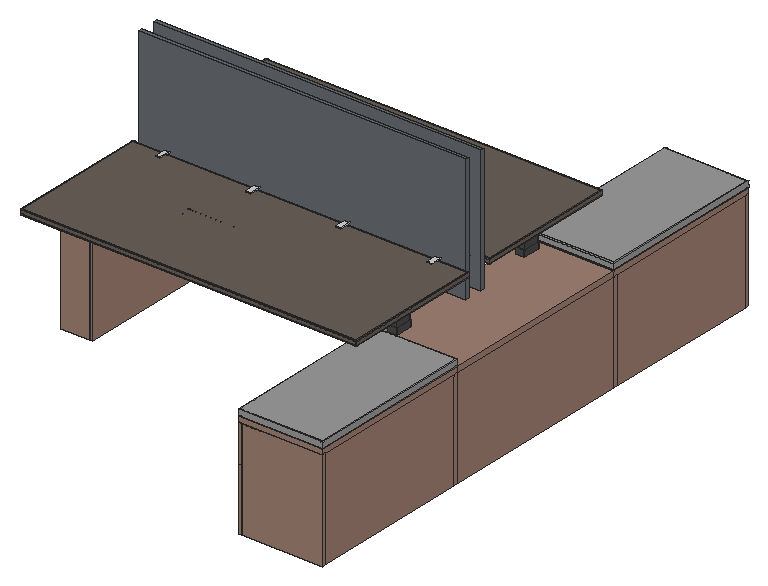
Revit family "OFS TYPICAL S200133", category Furniture, Revit 2022 (continued)
Definition of nested family "STAKS HEIGHT ADJUSTABLE WORK GROUP PANEL BASE Dual User"
  Dimensions and locks (in)
    aligned and locked: Extrusion 6 to Extrusion 9
    aligned and locked: Extrusion 9 to Extrusion 2
    aligned and locked: plane 23 to Extrusion 8
    aligned and locked: Extrusion 8 to plane 22
    aligned and locked: Extrusion 5 to plane 20
    aligned and locked: cut or joined group of Extrusion 7, Extrusion 9 to plane 12
    aligned and locked: plane 25 to Extrusion 11
    aligned and locked: plane 26 to Extrusion 10
    aligned and locked: Extrusion 11 to plane 26
    aligned and locked: plane 11 to Extrusion 1
    aligned and locked: plane 11 to Extrusion 5
    aligned and locked: Extrusion 1 to plane 5 "Front End"
    aligned and locked: Extrusion 2 to plane 5 "Front End"
    aligned and locked: cut or joined group of Extrusion 7, Extrusion 9 to plane 4 "Left End"
    aligned and locked: cut or joined group of Extrusion 7, Extrusion 9 to plane 6 "Right End"
    aligned and locked: Extrusion 1 to plane 12
    aligned and locked: plane 16 to Revolve 12
    aligned and locked: plane 15 to Revolve 13
    aligned and locked: Extrusion 2 to plane 19
    aligned and locked: Extrusion 6 to plane 10
    aligned and locked: Extrusion 6 to plane 9
    aligned and locked: Extrusion 1 to plane 19
    aligned and locked: Extrusion 5 to plane 13
    aligned and locked: Extrusion 10 to plane 8 "Height Top"
    aligned and locked: Extrusion 14 to plane 8 "Height Top"
    aligned and locked: Extrusion 15 to plane 25
    aligned and locked: Extrusion 14 to plane 26
    aligned and locked: plane 26 to Extrusion 15
    aligned and locked: plane 24 to Extrusion 16
    aligned and locked: Extrusion 16 to plane 27
    aligned and locked: Blend 17 to plane 25
    aligned and locked: plane 27 to Blend 17
    aligned and locked: Extrusion 18 to plane 24
    aligned and locked: Blend 19 to plane 27
    aligned and locked: plane 27 to Extrusion 18
    aligned and locked: plane 25 to Blend 19
  Automatic sketch dimensions
    Extrusion 1 sketch curve to plane 5 "Front End" = 0"
    plane 1 "Center Front/Back" to Extrusion 1 sketch curve = 0"
    Extrusion 2 sketch curve to plane 5 "Front End" = 0"
    Extrusion 2 sketch curve to plane 6 "Right End" = 0"
    Extrusion 2 sketch curve to plane 10 = 0"
    plane 1 "Center Front/Back" to Extrusion 2 sketch curve = 0"
    Extrusion 3 sketch curve to plane 5 "Front End" = 0"
    Extrusion 3 sketch curve to plane 18 = 0"
    Extrusion 4 sketch curve to plane 4 "Left End" = 0"
    Extrusion 4 sketch curve to plane 6 "Right End" = 0"
    Extrusion 4 sketch curve to plane 17 = 0"
    plane 1 "Center Front/Back" to Extrusion 4 sketch curve = 0"
    Extrusion 5 sketch curve to plane 5 "Front End" = 0"
    Extrusion 5 sketch curve to plane 20 = 0"
    Extrusion 5 sketch curve to plane 21 = 0"
    Extrusion 5 sketch curve to plane 18 = 0"
    Extrusion 6 sketch curve to plane 9 = 0"
    Extrusion 6 sketch curve to plane 10 = 0"
    Extrusion 6 sketch curve to plane 18 = 0"
    plane 1 "Center Front/Back" to Extrusion 6 sketch curve = 0"
    Extrusion 7 sketch curve to plane 4 "Left End" = 0"
    Extrusion 7 sketch curve to plane 6 "Right End" = 0"
    plane 17 to Extrusion 7 sketch curve = 0"
    Extrusion 7 sketch curve to plane 5 "Front End" = 0"
    Extrusion 8 sketch curve to plane 5 "Front End" = 0"
    Extrusion 8 sketch curve to plane 22 = 0"
    Extrusion 8 sketch curve to plane 23 = 0"
    Extrusion 8 sketch curve to plane 18 = 0"
    Extrusion 9 sketch curve to plane 11 = 0"
    Extrusion 9 sketch curve to plane 21 = 0"
    plane 23 to Extrusion 9 sketch curve = 0"
    plane 8 "Height Top" to Extrusion 9 sketch curve = 1 5/16"
    Extrusion 10 sketch curve to plane 14 = 0"
    Extrusion 10 sketch curve to plane 16 = 0"
    Extrusion 10 sketch curve to plane 14 = 2"
    Extrusion 10 sketch curve to plane 16 = 1/8"  (x2)
    Extrusion 10 sketch curve to Extrusion 10 sketch curve = 3 1/2"
    Extrusion 10 sketch curve to Extrusion 10 sketch curve = 0"
    Extrusion 10 sketch curve to Extrusion 10 sketch curve = 1/8"
    Extrusion 11 sketch curve to plane 14 = 3/16"
    Extrusion 11 sketch curve to plane 16 = 3 5/8"
    Extrusion 11 sketch curve to plane 16 = 3/16"  (x2)
    Extrusion 11 sketch curve to plane 14 = 1 7/8"
    Extrusion 11 sketch curve to Extrusion 11 sketch curve = 1/16"  (x3)
    Revolve 12 sketch curve to level = 0"
    plane 16 to Revolve 12 sketch curve = 0"
    Revolve 12 sketch curve to plane 12 = 0"  (x2)
    level to Revolve 12 sketch curve = 0.12502"
    Revolve 12 sketch curve to Revolve 12 sketch curve = 0.06202"
    Revolve 12 sketch curve to Revolve 12 sketch curve = 0.12498"
    Revolve 12 sketch curve to plane 16 = 0.188"  (x2)
    plane 12 to Revolve 12 sketch curve = 1/4"
    Revolve 13 sketch curve to level = 0"
    plane 15 to Revolve 13 sketch curve = 0"
    Revolve 13 sketch curve to plane 12 = 0"  (x2)
    level to Revolve 13 sketch curve = 1/4"
    Revolve 13 sketch curve to Revolve 13 sketch curve = 0.06202"
    Revolve 13 sketch curve to Revolve 13 sketch curve = 0.12498"
    plane 15 to Revolve 13 sketch curve = 0.188"  (x2)
    plane 12 to Revolve 13 sketch curve = 1/4"
    plane 14 to Extrusion 14 sketch curve = 0"
    Extrusion 14 sketch curve to plane 15 = 0"
    Extrusion 14 sketch curve to plane 14 = 1/8"  (x2)
    plane 15 to Extrusion 14 sketch curve = 1/8"
    Extrusion 14 sketch curve to Extrusion 14 sketch curve = 3 1/2"
    Extrusion 14 sketch curve to Extrusion 14 sketch curve = 0"
    Extrusion 14 sketch curve to Extrusion 14 sketch curve = 1 3/4"
    Extrusion 15 sketch curve to plane 14 = 3/16"
    plane 15 to Extrusion 15 sketch curve = 3 5/8"
    Extrusion 15 sketch curve to plane 14 = 1/8"
    Extrusion 15 sketch curve to Extrusion 15 sketch curve = 1/16"  (x2)
    plane 15 to Extrusion 15 sketch curve = 3/16"  (x2)
    Extrusion 15 sketch curve to Extrusion 15 sketch curve = 1 5/8"
    Extrusion 16 sketch curve to plane 16 = 0"  (x2)
    plane 17 to Extrusion 16 sketch curve = 3 3/8"
    Extrusion 16 sketch curve to Extrusion 16 sketch curve = 1/8"  (x2)
    Extrusion 16 sketch curve to plane 14 = 2 1/8"
    Extrusion 16 sketch curve to Extrusion 16 sketch curve = 3 3/4"
    Extrusion 16 sketch curve to plane 16 = 3 3/4"
    Blend 17 sketch curve to plane 16 = 1/8"
    plane 17 to Blend 17 sketch curve = 2 1/8"
    Blend 17 sketch curve to Blend 17 sketch curve = 1/8"  (x4)
    Blend 17 sketch curve to Blend 17 sketch curve = 3 1/4"
    Blend 17 sketch curve to Blend 17 sketch curve = 0"
    Blend 17 sketch curve to plane 14 = 1 3/4"
    Blend 17 sketch curve to plane 16 = 0"  (x2)
    plane 17 to Blend 17 sketch curve = 3 3/8"
    plane 16 to Blend 17 sketch curve = 1/8"
    Blend 17 sketch curve to Blend 17 sketch curve = 3 3/4"
    Blend 17 sketch curve to plane 16 = 3 3/4"
    Blend 17 sketch curve to plane 14 = 2"
    Extrusion 18 sketch curve to plane 15 = 0"  (x2)
    Extrusion 18 sketch curve to plane 17 = 3 3/8"
    Extrusion 18 sketch curve to Extrusion 18 sketch curve = 1/8"  (x2)
    plane 14 to Extrusion 18 sketch curve = 2 1/8"
    Extrusion 18 sketch curve to plane 15 = 3 3/4"  (x2)
    Blend 19 sketch curve to plane 15 = 1/8"
    Blend 19 sketch curve to plane 17 = 2 1/8"
    Blend 19 sketch curve to Blend 19 sketch curve = 1/8"  (x5)
    Blend 19 sketch curve to Blend 19 sketch curve = 3 1/4"
    Blend 19 sketch curve to Blend 19 sketch curve = 0"
    plane 14 to Blend 19 sketch curve = 1 3/4"
    Blend 19 sketch curve to plane 15 = 0"  (x2)
    Blend 19 sketch curve to plane 17 = 3 3/8"
    Blend 19 sketch curve to plane 15 = 3 3/4"  (x2)
    plane 14 to Blend 19 sketch curve = 2"
Definition of nested family "STAKS HEIGHT ADJUSTABLE WORK GROUP CABINET Dual User"
  Parameters (values of type "STAKS HEIGHT ADJUSTABLE WORK GROUP CABINET Dual User")
    Width = 42"
    URL = "http://ofs.com"
    Top Material = none
    Top Board Back Offset = 0"
    Table Height [instance] = 27 3/4"
    Depth = 18"
    Default Elevation = 0"
    Column Plate Thickness = 2"
    Column Material = none
    Box Width = 7"
    Board Thick Top = 1 1/8"
    Board Thick Door = 3/4"
    Board Material = none
    Model = "6-4218HAWC3"
    Manufacturer = "OFS"
    Leg Caps Material = none
    Leg Offset = 2"
    Board Thick Internal = 3/4"
    Height = 23"
    Description = "OFS STAKS HEIGHT ADJUSTABLE CABINET Dual User (Two Lifting Columns)"
    Copyright © = "© OFS 2018"
    Catalog = "https://ofs.com/products/open-plan/benching/staks"
    Bottom Board Offset = 1/2"
    Board Thick Bot = 1"
    Board Thick Sides = 3/4"
    Board Thick Front = 3/4"
    Board Thick Back = 3/4"
    Authoring Version = "Autodesk Revit Architecture 2013"
    Assembly Code = "E2020200"
  Reference planes (in)
    plane 1 "Center Front/Back": y = 0
    plane 2: z = 0
    plane 3 "Center Left/Right": x = 0
    plane 4 "Left End": x = -21
    plane 5 "Front End": y = -17.25
    plane 6 "Right End": x = 21
    plane 7 "Back End": y = 0
    plane 8 "Height Top": z = 23
    plane 9: x = -20.25
    plane 10: x = 20.25
    plane 11: z = 21.875
    plane 12: z = 0.5
    plane 13: z = 1.5
    plane 14: y = -16.5
    plane 15: x = 19
    plane 16: x = -19
    plane 17: y = -18
    plane 18: y = -0.75
    plane 19: y = 0
    plane 20: x = -4.25
    plane 21: x = -3.5
    plane 22: x = 4.25
    plane 23: x = 3.5
    plane 24: z = 27.75
    plane 25: z = 25.75
    plane 26: z = 24.375
    plane 27: z = 26.75
  Forms (in)
    Extrusion 1, solid, material <- "Board Material"
      sketch origin (0, 0, 0) x (1, 0, 0) y (0, 1, 0)
        loop
          line (-21, -0.75) -> (-21, -17.25) -> (-20.25, -17.25) -> (-20.25, -0.75) -> (-21, -0.75)
      from 0.5 to 21.875
    Extrusion 2, solid, material <- "Board Material"
      sketch origin (0, 0, 0) x (-1, 0, 0) y (0, -1, 0)
        loop
          line (-21, 0.75) -> (-20.25, 0.75) -> (-20.25, 17.25) -> (-21, 17.25) -> (-21, 0.75)
      from 0.5 to 21.875
    Extrusion 3, solid, material <- "Board Material"
      sketch origin (0, 0, 0) x (1, 0, 0) y (0, 1, 0)
        loop
          line (-20.25, -0.75) -> (-20.25, -17.25) -> (20.25, -17.25) -> (20.25, -0.75) -> (-20.25, -0.75)
      from 0.5 to 1.5
    Extrusion 4, solid, material <- "Top Material"
      sketch origin (0, 0, 0) x (1, 0, 0) y (0, 1, 0)
        loop
          line (-21, 0) -> (-21, -18) -> (21, -18) -> (21, 0) -> (-21, 0)
      from 21.875 to 23
    Extrusion 5, solid, material <- "Board Material"
      sketch origin (0, 0, 0) x (1, 0, 0) y (0, 1, 0)
        loop
          line (-4.25, -0.75) -> (-4.25, -17.25) -> (-3.5, -17.25) -> (-3.5, -0.75) -> (-4.25, -0.75)
      from 1.5 to 21.875
    Extrusion 6, solid, material <- "Board Material"
      sketch origin (0, 27.875, 0) x (1, 0, 0) y (0, 1, 0)
        loop
          line (-21, -27.875) -> (-21, -28.625) -> (21, -28.625) -> (21, -27.875) -> (-21, -27.875)
      from 0.5 to 21.875
    Extrusion 7, solid, material <- "Board Material"
      sketch origin (0, 0, 0) x (1, 0, 0) y (0, 1, 0)
        loop
          line (21, -17.25) -> (-21, -17.25) -> (-21, -18) -> (21, -18) -> (21, -17.25)
      from 0.5 to 21.875
    Extrusion 8, solid, material <- "Board Material"
      sketch origin (0, 0, 0) x (-1, 0, 0) y (0, -1, 0)
        loop
          line (-4.25, 0.75) -> (-3.5, 0.75) -> (-3.5, 17.25) -> (-4.25, 17.25) -> (-4.25, 0.75)
      from 1.5 to 21.875
    Extrusion 9, void
      sketch origin (0, 0, 0) x (1, 0, 0) y (0, 0, 1)
        loop
          line (3.5, 21.875) -> (-3.5, 21.875)
          arc (-3.5, 21.875) -> (0, 20.04736) -> (3.5, 21.875) r 4.26514
      from 0 to 18
    Extrusion 10, solid, material <- "Column Material"
      sketch origin (7.27539, 70.81173, 0) x (-1, 0, 0) y (0, -1, 0)
        loop
          arc (26.15039, 85.31173) -> (26.23878, 85.34834) -> (26.27539, 85.43673) r 0.125
          line (26.27539, 85.43673) -> (26.27539, 87.18673)
          arc (26.27539, 87.18673) -> (26.23878, 87.27512) -> (26.15039, 87.31173) r 0.125
          line (26.15039, 87.31173) -> (22.65039, 87.31173)
          arc (22.65039, 87.31173) -> (22.562, 87.27512) -> (22.52539, 87.18673) r 0.125
          line (22.52539, 87.18673) -> (22.52539, 85.43673)
          arc (22.52539, 85.43673) -> (22.562, 85.34834) -> (22.65039, 85.31173) r 0.125
          line (22.65039, 85.31173) -> (26.15039, 85.31173)
      from 23 to 24.375
    Extrusion 11, solid, material <- "Column Material"
      sketch origin (7.27539, 70.81173, 0) x (-1, 0, 0) y (0, -1, 0)
        loop
          line (22.71289, 85.43673) -> (26.08789, 85.43673)
          arc (26.08789, 85.43673) -> (26.13208, 85.45504) -> (26.15039, 85.49923) r 0.0625
          line (26.15039, 85.49923) -> (26.15039, 87.12423)
          arc (26.15039, 87.12423) -> (26.13208, 87.16843) -> (26.08789, 87.18673) r 0.0625
          line (26.08789, 87.18673) -> (22.71289, 87.18673)
          arc (22.71289, 87.18673) -> (22.66869, 87.16843) -> (22.65039, 87.12423) r 0.0625
          line (22.65039, 87.12423) -> (22.65039, 85.49923)
          arc (22.65039, 85.49923) -> (22.66869, 85.45504) -> (22.71289, 85.43673) r 0.0625
      from 24.375 to 25.75
    Revolve 12, solid, material <- "Leg Caps Material"
      sketch origin (7.02629, -3.5, 0) x (1, 0, 0) y (0, 0, 1)
        loop
          line (-26.02629, 0.5) -> (-26.02629, 0.25) -> (-26.08831, 0.25)
          arc (-26.08831, 0.25) -> (-26.17668, 0.2134) -> (-26.21329, 0.12502) r 0.12498
          line (-26.21329, 0.12502) -> (-26.21329, 0) -> (-25.83829, 0) -> (-25.83829, 0.5) -> (-26.02629, 0.5)
        axis (-25.83829, 0) -> (-25.83829, 0.5)
      angle from 0 to 360
    Revolve 13, solid, material <- "Leg Caps Material"
      sketch origin (-7.02629, -3.5, 0) x (-1, 0, 0) y (0, 0, -1)
        loop
          line (-26.02629, -0.5) -> (-25.83829, -0.5) -> (-25.83829, 0) -> (-26.21329, 0) -> (-26.21329, -0.12502)
          arc (-26.21329, -0.12502) -> (-26.17668, -0.2134) -> (-26.08831, -0.25) r 0.12498
          line (-26.08831, -0.25) -> (-26.02629, -0.25) -> (-26.02629, -0.5)
        axis (-25.83829, 0) -> (-25.83829, -0.5)
      angle from 0 to 360
    Extrusion 14, solid, material <- "Column Material"
      sketch origin (-7.27539, 70.81173, 0) x (1, 0, 0) y (0, 1, 0)
        loop
          line (26.15039, -85.31173) -> (22.65039, -85.31173)
          arc (22.65039, -85.31173) -> (22.562, -85.34834) -> (22.52539, -85.43673) r 0.125
          line (22.52539, -85.43673) -> (22.52539, -87.18673)
          arc (22.52539, -87.18673) -> (22.562, -87.27512) -> (22.65039, -87.31173) r 0.125
          line (22.65039, -87.31173) -> (26.15039, -87.31173)
          arc (26.15039, -87.31173) -> (26.23878, -87.27512) -> (26.27539, -87.18673) r 0.125
          line (26.27539, -87.18673) -> (26.27539, -85.43673)
          arc (26.27539, -85.43673) -> (26.23878, -85.34834) -> (26.15039, -85.31173) r 0.125
      from 23 to 24.375
    Extrusion 15, solid, material <- "Column Material"
      sketch origin (-7.27539, 70.81173, 0) x (1, 0, 0) y (0, 1, 0)
        loop
          arc (22.71289, -85.43673) -> (22.66869, -85.45504) -> (22.65039, -85.49923) r 0.0625
          line (22.65039, -85.49923) -> (22.65039, -87.12423)
          arc (22.65039, -87.12423) -> (22.66869, -87.16843) -> (22.71289, -87.18673) r 0.0625
          line (22.71289, -87.18673) -> (26.08789, -87.18673)
          arc (26.08789, -87.18673) -> (26.13208, -87.16843) -> (26.15039, -87.12423) r 0.0625
          line (26.15039, -87.12423) -> (26.15039, -85.49923)
          arc (26.15039, -85.49923) -> (26.13208, -85.45504) -> (26.08789, -85.43673) r 0.0625
          line (26.08789, -85.43673) -> (22.71289, -85.43673)
      from 24.375 to 25.75
    Extrusion 16, solid, material <- "Column Material"
      sketch origin (0, 0, 0) x (1, 0, 0) y (0, 1, 0)
        loop
          line (-15.25, -14.375) -> (-19, -14.375)
          arc (-19, -14.375) -> (-19.08839, -14.41161) -> (-19.125, -14.5) r 0.125
          line (-19.125, -14.5) -> (-19.125, -21.25)
          arc (-19.125, -21.25) -> (-19.08839, -21.33839) -> (-19, -21.375) r 0.125
          line (-19, -21.375) -> (-15.25, -21.375)
          arc (-15.25, -21.375) -> (-15.16161, -21.33839) -> (-15.125, -21.25) r 0.125
          line (-15.125, -21.25) -> (-15.125, -14.5)
          arc (-15.125, -14.5) -> (-15.16161, -14.41161) -> (-15.25, -14.375) r 0.125
      from 26.75 to 27.75
    Blend 17, solid, material <- "Column Material"
      base sketch origin (0, 0, 0) x (1, 0, 0) y (0, 1, 0)
        loop
          line (-15.375, -20) -> (-15.375, -14.75)
          arc (-15.375, -14.75) -> (-15.41161, -14.66161) -> (-15.5, -14.625) r 0.125
          line (-15.5, -14.625) -> (-18.75, -14.625)
          arc (-18.75, -14.625) -> (-18.83839, -14.66161) -> (-18.875, -14.75) r 0.125
          line (-18.875, -14.75) -> (-18.875, -20)
          arc (-18.875, -20) -> (-18.83839, -20.08839) -> (-18.75, -20.125) r 0.125
          line (-18.75, -20.125) -> (-15.5, -20.125)
          arc (-15.5, -20.125) -> (-15.41161, -20.08839) -> (-15.375, -20) r 0.125
      top sketch origin (0, 0, 0) x (1, 0, 0) y (0, 1, 0)
        loop
          line (-15.125, -21.25) -> (-15.125, -14.5)
          arc (-15.125, -14.5) -> (-15.16161, -14.41161) -> (-15.25, -14.375) r 0.125
          line (-15.25, -14.375) -> (-19, -14.375)
          arc (-19, -14.375) -> (-19.08839, -14.41161) -> (-19.125, -14.5) r 0.125
          line (-19.125, -14.5) -> (-19.125, -21.25)
          arc (-19.125, -21.25) -> (-19.08839, -21.33839) -> (-19, -21.375) r 0.125
          line (-19, -21.375) -> (-15.25, -21.375)
          arc (-15.25, -21.375) -> (-15.16161, -21.33839) -> (-15.125, -21.25) r 0.125
      from 25.75 to 26.75
    Extrusion 18, solid, material <- "Column Material"
      sketch origin (0, 0, 0) x (-1, 0, 0) y (0, -1, 0)
        loop
          arc (-15.25, 14.375) -> (-15.16161, 14.41161) -> (-15.125, 14.5) r 0.125
          line (-15.125, 14.5) -> (-15.125, 21.25)
          arc (-15.125, 21.25) -> (-15.16161, 21.33839) -> (-15.25, 21.375) r 0.125
          line (-15.25, 21.375) -> (-19, 21.375)
          arc (-19, 21.375) -> (-19.08839, 21.33839) -> (-19.125, 21.25) r 0.125
          line (-19.125, 21.25) -> (-19.125, 14.5)
          arc (-19.125, 14.5) -> (-19.08839, 14.41161) -> (-19, 14.375) r 0.125
          line (-19, 14.375) -> (-15.25, 14.375)
      from 26.75 to 27.75
    Blend 19, solid, material <- "Column Material"
      base sketch origin (0, 0, 0) x (-1, 0, 0) y (0, -1, 0)
        loop
          arc (-15.375, 20) -> (-15.41161, 20.08839) -> (-15.5, 20.125) r 0.125
          line (-15.5, 20.125) -> (-18.75, 20.125)
          arc (-18.75, 20.125) -> (-18.83839, 20.08839) -> (-18.875, 20) r 0.125
          line (-18.875, 20) -> (-18.875, 14.75)
          arc (-18.875, 14.75) -> (-18.83839, 14.66161) -> (-18.75, 14.625) r 0.125
          line (-18.75, 14.625) -> (-15.5, 14.625)
          arc (-15.5, 14.625) -> (-15.41161, 14.66161) -> (-15.375, 14.75) r 0.125
          line (-15.375, 14.75) -> (-15.375, 20)
      top sketch origin (0, 0, 0) x (-1, 0, 0) y (0, -1, 0)
        loop
          arc (-15.125, 21.25) -> (-15.16161, 21.33839) -> (-15.25, 21.375) r 0.125
          line (-15.25, 21.375) -> (-19, 21.375)
          arc (-19, 21.375) -> (-19.08839, 21.33839) -> (-19.125, 21.25) r 0.125
          line (-19.125, 21.25) -> (-19.125, 14.5)
          arc (-19.125, 14.5) -> (-19.08839, 14.41161) -> (-19, 14.375) r 0.125
          line (-19, 14.375) -> (-15.25, 14.375)
          arc (-15.25, 14.375) -> (-15.16161, 14.41161) -> (-15.125, 14.5) r 0.125
          line (-15.125, 14.5) -> (-15.125, 21.25)
      from 25.75 to 26.75
    Revolve 20, solid, material <- "Leg Caps Material"
      sketch origin (7.02629, -14.5, 0) x (1, 0, 0) y (0, 0, -1)
        loop
          line (-26.02629, -0.5) -> (-25.83829, -0.5) -> (-25.83829, 0) -> (-26.21329, 0) -> (-26.21329, -0.12502)
          arc (-26.21329, -0.12502) -> (-26.17668, -0.2134) -> (-26.08831, -0.25) r 0.12498
          line (-26.08831, -0.25) -> (-26.02629, -0.25) -> (-26.02629, -0.5)
        axis (-25.83829, 0) -> (-25.83829, -0.5)
      angle from 0 to 360
    Revolve 21, solid, material <- "Leg Caps Material"
      sketch origin (-7.02629, -14.5, 0) x (-1, 0, 0) y (0, 0, 1)
        loop
          line (-26.02629, 0.5) -> (-26.02629, 0.25) -> (-26.08831, 0.25)
          arc (-26.08831, 0.25) -> (-26.17668, 0.2134) -> (-26.21329, 0.12502) r 0.12498
          line (-26.21329, 0.12502) -> (-26.21329, 0) -> (-25.83829, 0) -> (-25.83829, 0.5) -> (-26.02629, 0.5)
        axis (-25.83829, 0) -> (-25.83829, 0.5)
      angle from 0 to 360
  Cuts and joins
    Extrusion 9 cuts Extrusion 7
  Dimensions and locks (in)
    equal spacing: plane 4 "Left End", plane 3 "Center Left/Right", plane 6 "Right End"
    "Width": plane 4 "Left End" to plane 6 "Right End"
    "Height": plane 8 "Height Top" to level
    "Board Thick Sides": plane 4 "Left End" to plane 9
    "Board Thick Sides": plane 10 to plane 6 "Right End"
    "Board Thick Top": plane 8 "Height Top" to plane 11
    "Board Thick Bot": plane 13 to plane 12
    "Bottom Board Offset": plane 12 to level
    "Board Thick Front": plane 14 to plane 5 "Front End"
    "Leg Offset": plane 15 to plane 6 "Right End"
    "Leg Offset": plane 4 "Left End" to plane 16
    "Board Thick Door": plane 17 to plane 5 "Front End"
    "Board Thick Back": plane 18 to plane 1 "Center Front/Back"
    "Depth": plane 17 to plane 1 "Center Front/Back"
    "Top Board Back Offset": plane 19 to plane 7 "Back End"
    equal spacing: plane 21, plane 3 "Center Left/Right", plane 23
    "Box Width": plane 21 to plane 23
    "Board Thick Internal": plane 23 to plane 22
    "Board Thick Internal": plane 20 to plane 21
    "Table Height": plane 24 to level
    "Column Plate Thickness": plane 24 to plane 25
    equal spacing: plane 25, plane 26, plane 8 "Height Top"
    equal spacing: plane 24, plane 27, plane 25
    aligned and locked: level to plane 2
    aligned and locked: plane 4 "Left End" to Extrusion 1 sketch curve
    aligned and locked: Extrusion 1 sketch curve to plane 9
    aligned and locked: plane 10 to Extrusion 2
    aligned and locked: Extrusion 2 to plane 6 "Right End"
    aligned and locked: plane 12 to Extrusion 2
    aligned and locked: plane 10 to Extrusion 3 sketch curve
    aligned and locked: Extrusion 3 sketch curve to plane 9
    aligned and locked: Extrusion 6 to plane 12
    aligned and locked: Extrusion 3 to plane 13
    aligned and locked: Extrusion 3 to plane 12
    aligned and locked: Extrusion 6 to plane 11
    aligned and locked: Extrusion 2 to plane 11
    aligned and locked: Extrusion 4 to plane 17
    aligned and locked: Extrusion 4 to plane 6 "Right End"
    aligned and locked: Extrusion 4 to plane 4 "Left End"
    aligned and locked: plane 8 "Height Top" to Extrusion 4
    aligned and locked: Extrusion 4 to plane 11
    aligned and locked: Extrusion 7 to plane 11
    aligned and locked: Extrusion 6 to plane 18
    aligned and locked: Extrusion 6 to plane 1 "Center Front/Back"
    aligned and locked: Extrusion 4 to plane 19
    aligned and locked: Extrusion 3 to plane 18
    aligned and locked: plane 11 to Extrusion 8
    aligned and locked: Extrusion 8 to plane 13
    aligned and locked: Extrusion 4 to Extrusion 9
    aligned and locked: Extrusion 6 to Extrusion 9
    aligned and locked: Extrusion 9 to Extrusion 2
    aligned and locked: plane 23 to Extrusion 8
    aligned and locked: Extrusion 8 to plane 22
    aligned and locked: Extrusion 5 to plane 20
    aligned and locked: cut or joined group of Extrusion 7, Extrusion 9 to plane 12
    aligned and locked: plane 25 to Extrusion 11
    aligned and locked: plane 26 to Extrusion 10
    aligned and locked: Extrusion 11 to plane 26
    aligned and locked: plane 11 to Extrusion 1
    aligned and locked: plane 11 to Extrusion 5
    aligned and locked: Extrusion 1 to plane 5 "Front End"
    aligned and locked: Extrusion 2 to plane 5 "Front End"
    aligned and locked: cut or joined group of Extrusion 7, Extrusion 9 to plane 4 "Left End"
    aligned and locked: cut or joined group of Extrusion 7, Extrusion 9 to plane 6 "Right End"
    aligned and locked: Extrusion 1 to plane 12
    aligned and locked: plane 16 to Revolve 12
    aligned and locked: plane 15 to Revolve 13
    aligned and locked: Extrusion 5 to plane 13
    aligned and locked: Extrusion 10 to plane 8 "Height Top"
    aligned and locked: Extrusion 14 to plane 8 "Height Top"
    aligned and locked: Extrusion 15 to plane 25
    aligned and locked: Extrusion 14 to plane 26
    aligned and locked: plane 26 to Extrusion 15
    aligned and locked: plane 24 to Extrusion 16
    aligned and locked: Extrusion 16 to plane 27
    aligned and locked: Blend 17 to plane 25
    aligned and locked: plane 27 to Blend 17
    aligned and locked: Extrusion 18 to plane 24
    aligned and locked: Blend 19 to plane 27
    aligned and locked: plane 27 to Extrusion 18
    aligned and locked: plane 25 to Blend 19
    aligned and locked: Extrusion 6 to plane 4 "Left End"
    aligned and locked: Extrusion 6 to plane 6 "Right End"
    aligned and locked: plane 18 to Extrusion 2
    aligned and locked: plane 18 to Extrusion 1
  Automatic sketch dimensions
    Extrusion 1 sketch curve to plane 5 "Front End" = 0"
    plane 1 "Center Front/Back" to Extrusion 1 sketch curve = 3/4"
    Extrusion 2 sketch curve to plane 5 "Front End" = 0"
    Extrusion 2 sketch curve to plane 6 "Right End" = 0"
    Extrusion 2 sketch curve to plane 10 = 0"
    Extrusion 2 sketch curve to plane 1 "Center Front/Back" = 3/4"
    Extrusion 3 sketch curve to plane 5 "Front End" = 0"
    Extrusion 3 sketch curve to plane 18 = 0"
    Extrusion 4 sketch curve to plane 4 "Left End" = 0"
    Extrusion 4 sketch curve to plane 6 "Right End" = 0"
    Extrusion 4 sketch curve to plane 17 = 0"
    plane 1 "Center Front/Back" to Extrusion 4 sketch curve = 0"
    Extrusion 5 sketch curve to plane 5 "Front End" = 0"
    Extrusion 5 sketch curve to plane 20 = 0"
    Extrusion 5 sketch curve to plane 21 = 0"
    Extrusion 5 sketch curve to plane 18 = 0"
    Extrusion 6 sketch curve to plane 9 = 3/4"
    Extrusion 6 sketch curve to plane 10 = 3/4"
    Extrusion 6 sketch curve to plane 18 = 0"
    plane 1 "Center Front/Back" to Extrusion 6 sketch curve = 0"
    Extrusion 7 sketch curve to plane 4 "Left End" = 0"
    Extrusion 7 sketch curve to plane 6 "Right End" = 0"
    plane 17 to Extrusion 7 sketch curve = 0"
    Extrusion 7 sketch curve to plane 5 "Front End" = 0"
    Extrusion 8 sketch curve to plane 5 "Front End" = 0"
    Extrusion 8 sketch curve to plane 22 = 0"
    Extrusion 8 sketch curve to plane 23 = 0"
    Extrusion 8 sketch curve to plane 18 = 0"
    Extrusion 9 sketch curve to plane 11 = 0"
    Extrusion 9 sketch curve to plane 21 = 0"
    plane 23 to Extrusion 9 sketch curve = 0"
    plane 8 "Height Top" to Extrusion 9 sketch curve = 1 5/16"
    Extrusion 10 sketch curve to plane 14 = 0"
    Extrusion 10 sketch curve to plane 16 = 0"
    Extrusion 10 sketch curve to plane 14 = 2"
    Extrusion 10 sketch curve to plane 16 = 1/8"  (x2)
    Extrusion 10 sketch curve to Extrusion 10 sketch curve = 3 1/2"
    Extrusion 10 sketch curve to Extrusion 10 sketch curve = 0"
    Extrusion 10 sketch curve to Extrusion 10 sketch curve = 1/8"
    Extrusion 11 sketch curve to plane 14 = 3/16"
    Extrusion 11 sketch curve to plane 16 = 3 5/8"
    Extrusion 11 sketch curve to plane 16 = 3/16"  (x2)
    Extrusion 11 sketch curve to plane 14 = 1 7/8"
    Extrusion 11 sketch curve to Extrusion 11 sketch curve = 1/16"  (x3)
    Revolve 12 sketch curve to level = 0"
    plane 16 to Revolve 12 sketch curve = 0"
    Revolve 12 sketch curve to plane 12 = 0"  (x2)
    level to Revolve 12 sketch curve = 0.12502"
    Revolve 12 sketch curve to Revolve 12 sketch curve = 0.06202"
    Revolve 12 sketch curve to Revolve 12 sketch curve = 0.12498"
    Revolve 12 sketch curve to plane 16 = 0.188"  (x2)
    plane 12 to Revolve 12 sketch curve = 1/4"
    Revolve 13 sketch curve to level = 0"
    plane 15 to Revolve 13 sketch curve = 0"
    Revolve 13 sketch curve to plane 12 = 0"  (x2)
    level to Revolve 13 sketch curve = 1/4"
    Revolve 13 sketch curve to Revolve 13 sketch curve = 0.06202"
    Revolve 13 sketch curve to Revolve 13 sketch curve = 0.12498"
    plane 15 to Revolve 13 sketch curve = 0.188"  (x2)
    plane 12 to Revolve 13 sketch curve = 1/4"
    plane 14 to Extrusion 14 sketch curve = 0"
    Extrusion 14 sketch curve to plane 15 = 0"
    Extrusion 14 sketch curve to plane 14 = 1/8"
    plane 15 to Extrusion 14 sketch curve = 1/8"
    Extrusion 14 sketch curve to Extrusion 14 sketch curve = 3 1/2"
    Extrusion 14 sketch curve to Extrusion 14 sketch curve = 0"
    Extrusion 14 sketch curve to Extrusion 14 sketch curve = 1/8"
    Extrusion 14 sketch curve to Extrusion 14 sketch curve = 1 3/4"
    Extrusion 15 sketch curve to plane 14 = 3/16"
    plane 15 to Extrusion 15 sketch curve = 3 5/8"
    Extrusion 15 sketch curve to plane 14 = 1/8"
    Extrusion 15 sketch curve to Extrusion 15 sketch curve = 1/16"  (x2)
    plane 15 to Extrusion 15 sketch curve = 3/16"  (x2)
    Extrusion 15 sketch curve to Extrusion 15 sketch curve = 1 5/8"
    Extrusion 16 sketch curve to plane 16 = 0"  (x2)
    plane 17 to Extrusion 16 sketch curve = 3 3/8"
    plane 16 to Extrusion 16 sketch curve = 1/8"
    Extrusion 16 sketch curve to plane 14 = 2 1/8"
    Extrusion 16 sketch curve to Extrusion 16 sketch curve = 3 3/4"  (x2)
    Extrusion 16 sketch curve to Extrusion 16 sketch curve = 1/8"
    Blend 17 sketch curve to plane 16 = 1/8"
    plane 17 to Blend 17 sketch curve = 2 1/8"
    Blend 17 sketch curve to Blend 17 sketch curve = 1/8"  (x4)
    Blend 17 sketch curve to Blend 17 sketch curve = 3 1/4"
    Blend 17 sketch curve to Blend 17 sketch curve = 0"
    Blend 17 sketch curve to plane 14 = 1 3/4"
    Blend 17 sketch curve to plane 16 = 0"  (x2)
    plane 17 to Blend 17 sketch curve = 3 3/8"
    plane 16 to Blend 17 sketch curve = 1/8"
    Blend 17 sketch curve to Blend 17 sketch curve = 3 3/4"  (x2)
    Blend 17 sketch curve to plane 14 = 2"
    Extrusion 18 sketch curve to plane 15 = 0"  (x2)
    Extrusion 18 sketch curve to plane 17 = 3 3/8"
    plane 15 to Extrusion 18 sketch curve = 1/8"
    plane 14 to Extrusion 18 sketch curve = 2 1/8"
    Extrusion 18 sketch curve to Extrusion 18 sketch curve = 3 3/4"  (x2)
    Extrusion 18 sketch curve to Extrusion 18 sketch curve = 1/8"
    Blend 19 sketch curve to plane 15 = 1/8"
    Blend 19 sketch curve to plane 17 = 2 1/8"
    Blend 19 sketch curve to Blend 19 sketch curve = 1/8"  (x4)
    Blend 19 sketch curve to Blend 19 sketch curve = 3 1/4"
    Blend 19 sketch curve to Blend 19 sketch curve = 0"
    plane 14 to Blend 19 sketch curve = 1 3/4"
    Blend 19 sketch curve to plane 15 = 0"  (x2)
    Blend 19 sketch curve to plane 17 = 3 3/8"
    plane 15 to Blend 19 sketch curve = 1/8"
    Blend 19 sketch curve to Blend 19 sketch curve = 3 3/4"  (x2)
    plane 14 to Blend 19 sketch curve = 2"
    Revolve 20 sketch curve to level = 0"
    plane 16 to Revolve 20 sketch curve = 0"
    Revolve 20 sketch curve to plane 12 = 0"  (x2)
    level to Revolve 20 sketch curve = 1/4"
    Revolve 20 sketch curve to Revolve 20 sketch curve = 0.06202"
    Revolve 20 sketch curve to Revolve 20 sketch curve = 0.12498"
    Revolve 20 sketch curve to plane 16 = 0.188"  (x2)
    plane 12 to Revolve 20 sketch curve = 1/4"
    Revolve 21 sketch curve to level = 0"
    plane 15 to Revolve 21 sketch curve = 0"
    Revolve 21 sketch curve to plane 12 = 0"  (x2)
    level to Revolve 21 sketch curve = 0.12502"
    Revolve 21 sketch curve to plane 15 = 0.06202"
    Revolve 21 sketch curve to Revolve 21 sketch curve = 0.12498"
    plane 15 to Revolve 21 sketch curve = 0.188"  (x2)
    plane 12 to Revolve 21 sketch curve = 1/4"
Definition of nested family "STAKS HEIGHT ADJUSTABLE WORKSURFACE"
  Parameters (values of type "STAKS HEIGHT ADJUSTABLE WORKSURFACE 54x30")
    Width = 54"
    Veneer Material = none
    URL = "http://www.ofs.com/"
    PVC Edge [instance] = not([3D Laminate])  # yes
    Height [instance] = 21"
    Edge Material = none
    Model = "6-5430HAWS"
    Manufacturer = "OFS"
    Description = "OFS STAKS HEIGHT ADJUSTABLE WORKSURFACE, 54\" Width x 30\" Depth Long Grain, Includes Height Adjustable Control, Switch and Cables"
    Depth = 30"
    Default Elevation = 0"
    Copyright © = "© 2018 OFS"
    Catalog = "https://ofs.com/products/open-plan/benching/staks"
    Authoring Version = "Autodesk Revit Architecture 2013"
    Assembly Code = "E2020200"
    3D Laminate Material = none
    3D Laminate [instance] = no
  Types (5): name | Width | Model | Description
    (no name) | 54" | "6-5430HAWS" | "OFS STAKS HEIGHT ADJUSTABLE WORKSURFACE, 54\" Width x 30\" Depth Long Grain, Includes Height Adjustable Control, Switch and Cables"
    STAKS HEIGHT ADJUSTABLE WORKSURFACE 54x30 | 54" | "6-5430HAWS" | "OFS STAKS HEIGHT ADJUSTABLE WORKSURFACE, 54\" Width x 30\" Depth Long Grain, Includes Height Adjustable Control, Switch and Cables"
    STAKS HEIGHT ADJUSTABLE WORKSURFACE 60x30 | 60" | "6-6030HAWS" | "OFS STAKS HEIGHT ADJUSTABLE WORKSURFACE, 60\" Width x 30\" Depth Long Grain, Includes Height Adjustable Control, Switch and Cables"
    STAKS HEIGHT ADJUSTABLE WORKSURFACE 66x30 | 66" | "6-6630HAWS" | "OFS STAKS HEIGHT ADJUSTABLE WORKSURFACE, 66\" Width x 30\" Depth Long Grain, Includes Height Adjustable Control, Switch and Cables"
    STAKS HEIGHT ADJUSTABLE WORKSURFACE 72x30 | 72" | "6-7230HAWS" | "OFS STAKS HEIGHT ADJUSTABLE WORKSURFACE, 72\" Width x 30\" Depth Long Grain, Includes Height Adjustable Control, Switch and Cables"
  Reference planes (in)
    plane 1 "Center (Front/Back)": y = 0
    plane 2: z = 0
    plane 3 "Center (Left/Right)": x = 0
    plane 4: x = 27
    plane 5: x = -27
    plane 6: y = 15
    plane 7: y = -15
    plane 8: z = 19.875
    plane 9: z = 21
  Forms (in)
    Extrusion 1, solid, material <- "3D Laminate Material", visible <- "3D Laminate"
      sketch origin (3.56329, 81.33771, 7) x (-1, 0, 0) y (0, -1, 0)
        loop
          line (30.56329, 66.33771) -> (30.56329, 96.33771) -> (-23.43671, 96.33771) -> (-23.43671, 66.33771) -> (30.56329, 66.33771)
      from 14 to 12.875
    Extrusion 2, solid, material <- "Veneer Material", visible <- "PVC Edge"
      sketch origin (3.56329, 81.33771, 3.5) x (-1, 0, 0) y (0, -1, 0)
        loop
          line (30.43829, 66.46271) -> (30.43829, 96.21271) -> (-23.31171, 96.21271) -> (-23.31171, 66.46271) -> (30.43829, 66.46271)
      from 17.5 to 16.375
    Sweep 3, solid, material <- "Edge Material", visible <- "PVC Edge"
      path origin (31.86692, 60.25439, 21) x (0, 1, 0) y (-1, 0, 0)
        loop
          line (-45.25439, 58.86692) -> (-75.25439, 58.86692) -> (-75.25439, 4.86692) -> (-45.25439, 4.86692) -> (-45.25439, 58.86692)
      profile origin (-27, 0, 21) x (1, 0, 0) y (0, 0, 1)
        loop
          arc (0, -1) -> (0.03661, -1.08839) -> (0.125, -1.125) r 0.125
          line (0.125, -1.125) -> (0.125, 0)
          arc (0.125, 0) -> (0.03661, -0.03661) -> (0, -0.125) r 0.125
          line (0, -0.125) -> (0, -1)
  Dimensions and locks (in)
    equal spacing: plane 5, plane 3 "Center (Left/Right)", plane 4
    "Width": plane 5 to plane 4
    "Depth": plane 6 to plane 7
    equal spacing: plane 7, plane 1 "Center (Front/Back)", plane 6
    locked: plane 9 to plane 8 at 1.125
    "Height": plane 9 to level
    aligned and locked: level to plane 2
    aligned and locked: Sweep 3 sketch curve to plane 5
    aligned and locked: Sweep 3 sketch curve to plane 6
    aligned and locked: Sweep 3 sketch curve to plane 7
    aligned and locked: Sweep 3 sketch curve to plane 4
    aligned and locked: Extrusion 2 sketch curve to Sweep 3  (x4)
    aligned and locked: Extrusion 1 sketch curve to plane 5
    aligned and locked: Extrusion 1 sketch curve to plane 7
    aligned and locked: Extrusion 1 sketch curve to plane 6
    aligned and locked: Extrusion 1 sketch curve to plane 4
    aligned and locked: plane 9 to Extrusion 1
    aligned and locked: plane 9 to Extrusion 2
    aligned and locked: plane 9 to Sweep 3
    aligned and locked: Extrusion 1 to plane 8
    aligned and locked: Extrusion 2 to plane 8
  Automatic sketch dimensions
    profile plane to Sweep 3 sketch curve = 0"
    Sweep 3 sketch curve to profile plane = 0"
    Sweep 3 sketch curve to profile plane = 1/8"
    Sweep 3 sketch curve to profile plane = 1 1/8"
Definition of nested family "STAKS CROSS RAIL PREMIUM POWER Double Sided Three Circuit"
  Parameters (values of type "STAKS CROSS RAIL PREMIUM POWER Double Sided Three Circuit 54in")
    Width = 48"
    URL = "http://www.ofs.com/"
    Surface Material = none
    Power Block Material = none
    Power Block Casing Material = none
    Model = "6-54PRA-4"
    Metal Conduit Material = none
    Manufacturer = "OFS"
    Height = 5 1/4"
    Duplex Receptacle Material = none
    Description = "OFS STAKS CROSS RAIL PREMIUM POWER for Use with 54\" Double Sided Height Adjustable Cabinets & Panel Bases, Three Circuit"
    Depth = 6"
    Default Elevation = 0"
    Copyright © = "© 2018 OFS"
    Catalog = "https://ofs.com/products/open-plan/benching/staks"
    Bracket Material = none
    Authoring Version = "Autodesk Revit Architecture 2013"
    Assembly Code = "E2020200"
  Types (5): name | Width | Model | Description
    (no name) | 48" | "6-54PRA-4" | "OFS STAKS CROSS RAIL PREMIUM POWER for Use with 54\" Double Sided Height Adjustable Cabinets & Panel Bases, Three Circuit"
    STAKS CROSS RAIL PREMIUM POWER Double Sided Three Circuit 54in | 48" | "6-54PRA-4" | "OFS STAKS CROSS RAIL PREMIUM POWER for Use with 54\" Double Sided Height Adjustable Cabinets & Panel Bases, Three Circuit"
    STAKS CROSS RAIL PREMIUM POWER Double Sided Three Circuit 60in | 54" | "6-60PRA-4" | "OFS STAKS CROSS RAIL PREMIUM POWER for Use with 60\" Double Sided Height Adjustable Cabinets & Panel Bases, Three Circuit"
    STAKS CROSS RAIL PREMIUM POWER Double Sided Three Circuit 66in | 60" | "6-66PRA-4" | "OFS STAKS CROSS RAIL PREMIUM POWER for Use with 66\" Double Sided Height Adjustable Cabinets & Panel Bases, Three Circuit"
    STAKS CROSS RAIL PREMIUM POWER Double Sided Three Circuit 72in | 66" | "6-72PRA-4" | "OFS STAKS CROSS RAIL PREMIUM POWER for Use with 72\" Double Sided Height Adjustable Cabinets & Panel Bases, Three Circuit"
  Reference planes (in)
    plane 1 "Center (Front/Back)": y = 0
    plane 2: z = 0
    plane 3 "Center (Left/Right)": x = 0
    plane 4: z = 21.67035
    plane 5: z = 27.87507
    plane 6: x = -19.50147
    plane 7: x = -17.03389
    plane 8: x = -15.9687
    plane 9: x = -14.91102
    plane 10: x = -18.08898
    plane 11: x = -7.4956
    plane 12: x = -9.96318
    plane 13: x = -11.02837
    plane 14: x = -12.08605
    plane 15: x = -8.90809
    plane 16: x = -24
    plane 17: x = -3
    plane 18: x = -20.08661
    plane 19: z = 17.34957
    plane 20: x = -21.08661
    plane 21: x = -13.49853
    plane 22: x = -6.91045
    plane 23: x = -5.91045
    plane 24: x = 19.50147
    plane 25: x = 17.03389
    plane 26: x = 15.9687
    plane 27: x = 14.91102
    plane 28: x = 18.08898
    plane 29: x = 7.4956
    plane 30: x = 9.96318
    plane 31: x = 11.02837
    plane 32: x = 12.08605
    plane 33: x = 8.90809
    plane 34: x = 24
    plane 35: x = 3
    plane 36: x = 20.08661
    plane 37: x = 21.08661
    plane 38: x = 13.49853
    plane 39: x = 6.91045
    plane 40: x = 5.91045
    plane 41: x = 8.2456
    plane 42: x = -8.2456
    plane 43: x = 7.4956
    plane 44: x = -7.4956
    plane 45: x = -6.95298
    plane 46: x = -5.82454
    plane 47: x = -4.74522
    plane 48: x = 6.95298
    plane 49: x = 5.82454
    plane 50: x = 4.74522
    plane 51: y = 3
    plane 52: y = -3
    plane 53: y = 2
    plane 54: y = -2
    plane 55: z = 22.5
    plane 56: z = 21.75
    plane 57: z = 20.75
    plane 58: x = 0.5
    plane 59: x = -0.5
  Forms (in)
    Extrusion 1, solid, material <- "Power Block Material"
      sketch origin (-38.7456, 0, -7.21714) x (-1, 0, 0) y (0, 0, -1)
        loop
          line (-29.43829, -26.82737) -> (-27.05878, -26.82737)
          arc (-27.05878, -26.82737) -> (-26.91515, -26.76787) -> (-26.85565, -26.62424) r 0.20313
          line (-26.85565, -26.62424) -> (-26.85565, -26.53164)
          arc (-26.85565, -26.53164) -> (-26.71755, -26.47993) -> (-26.65956, -26.34434) r 0.1875
          line (-26.65956, -26.34434) -> (-26.65956, -25.86145)
          arc (-26.65956, -25.86145) -> (-26.71755, -25.72587) -> (-26.85565, -25.67415) r 0.1875
          line (-26.85565, -25.67415) -> (-26.85565, -25.58155)
          arc (-26.85565, -25.58155) -> (-26.91515, -25.43792) -> (-27.05878, -25.37842) r 0.20313
          line (-27.05878, -25.37842) -> (-29.43829, -25.37842)
          arc (-29.43829, -25.37842) -> (-29.58192, -25.43792) -> (-29.64141, -25.58155) r 0.20313
          line (-29.64141, -25.58155) -> (-29.64141, -25.67415)
          arc (-29.64141, -25.67415) -> (-29.77952, -25.72587) -> (-29.83751, -25.86145) r 0.1875
          line (-29.83751, -25.86145) -> (-29.83751, -26.34434)
          arc (-29.83751, -26.34434) -> (-29.77952, -26.47993) -> (-29.64141, -26.53164) r 0.1875
          line (-29.64141, -26.53164) -> (-29.64141, -26.62424)
          arc (-29.64141, -26.62424) -> (-29.58192, -26.76787) -> (-29.43829, -26.82737) r 0.20313
        loop
          arc (-29.43829, -25.44092) -> (-29.53773, -25.48211) -> (-29.57891, -25.58155) r 0.14063
          line (-29.57891, -25.58155) -> (-29.57891, -25.68958)
          arc (-29.57891, -25.68958) -> (-29.59504, -25.72496) -> (-29.63257, -25.73768) r 0.04688
          arc (-29.63257, -25.73768) -> (-29.732, -25.7671) -> (-29.77501, -25.86145) r 0.125
          line (-29.77501, -25.86145) -> (-29.77501, -26.34434)
          arc (-29.77501, -26.34434) -> (-29.732, -26.43869) -> (-29.63233, -26.4698) r 0.125
          arc (-29.63233, -26.4698) -> (-29.59504, -26.48083) -> (-29.57891, -26.51622) r 0.04688
          line (-29.57891, -26.51622) -> (-29.57891, -26.62424)
          arc (-29.57891, -26.62424) -> (-29.53773, -26.72368) -> (-29.43829, -26.76487) r 0.14063
          line (-29.43829, -26.76487) -> (-27.05878, -26.76487)
          arc (-27.05878, -26.76487) -> (-26.95934, -26.72368) -> (-26.91815, -26.62424) r 0.14063
          line (-26.91815, -26.62424) -> (-26.91815, -26.51622)
          arc (-26.91815, -26.51622) -> (-26.90202, -26.48083) -> (-26.8645, -26.46812) r 0.04688
          arc (-26.8645, -26.46812) -> (-26.76507, -26.43869) -> (-26.72206, -26.34434) r 0.125
          line (-26.72206, -26.34434) -> (-26.72206, -25.86145)
          arc (-26.72206, -25.86145) -> (-26.76507, -25.7671) -> (-26.86474, -25.73599) r 0.125
          arc (-26.86474, -25.73599) -> (-26.90202, -25.72496) -> (-26.91815, -25.68958) r 0.04688
          line (-26.91815, -25.68958) -> (-26.91815, -25.58155)
          arc (-26.91815, -25.58155) -> (-26.95934, -25.48211) -> (-27.05878, -25.44092) r 0.14063
          line (-27.05878, -25.44092) -> (-29.43829, -25.44092)
      from -0.39166 to 0.39063
    Extrusion 2, solid, material <- "Power Block Material"
      sketch origin (-38.7456, 0, -7.21714) x (-1, 0, 0) y (0, 0, -1)
        loop
          circle (-28.24853, -26.1029) r 0.0625
      from -0.74219 to 0.74219
    Extrusion 3, solid, material <- "Power Block Material"
      sketch origin (-38.7456, 0, -7.21714) x (0, 1, 0) y (0, 0, -1)
        loop
          line (0.1644, -27.50689) -> (0.6465, -27.24063)
          arc (0.6465, -27.24063) -> (0.73054, -27.04793) -> (0.56603, -26.91703) r 0.17257
          line (0.56603, -26.91703) -> (0, -26.90734) -> (-0.56603, -26.91703)
          arc (-0.56603, -26.91703) -> (-0.73054, -27.04793) -> (-0.6465, -27.24063) r 0.17257
          line (-0.6465, -27.24063) -> (-0.1644, -27.50689) -> (-0.10561, -27.41333) -> (-0.61836, -27.21311)
          arc (-0.61836, -27.21311) -> (-0.67504, -27.11429) -> (-0.59061, -27.03781) r 0.09084
          line (-0.59061, -27.03781) -> (0, -27.00335) -> (0.59061, -27.03781)
          arc (0.59061, -27.03781) -> (0.67504, -27.11429) -> (0.61836, -27.21311) r 0.09084
          line (0.61836, -27.21311) -> (0.10561, -27.41333) -> (0.1644, -27.50689)
      from -28.78242 to -27.71724
    Extrusion 4, solid, material <- "Power Block Material"
      sketch origin (-38.7456, 0, -7.21714) x (-1, 0, 0) y (0, 0, -1)
        loop
          arc (-29.72129, -27.26478) -> (-29.65664, -27.20013) -> (-29.72129, -27.13548) r 0.06465
          line (-29.72129, -27.13548) -> (-30.0026, -27.13548) -> (-30.0026, -26.98885) -> (-29.57923, -26.98885)
          arc (-29.57923, -26.98885) -> (-29.52695, -26.93658) -> (-29.57923, -26.8843) r 0.05228
          line (-29.57923, -26.8843) -> (-30.17424, -26.8843)
          arc (-30.17424, -26.8843) -> (-30.20204, -26.89741) -> (-30.20961, -26.92721) r 0.03604
          line (-30.20961, -26.92721) -> (-30.1526, -27.22052)
          arc (-30.1526, -27.22052) -> (-30.1337, -27.25229) -> (-30.0989, -27.26478) r 0.05471
          line (-30.0989, -27.26478) -> (-29.72129, -27.26478)
      from -0.64167 to 0.64063
    Extrusion 5, solid, material <- "Power Block Material"
      sketch origin (-26.74594, 0, -7.21714) x (1, 0, 0) y (0, 0, 1)
        loop
          line (14.77871, 27.26478) -> (14.4011, 27.26478)
          arc (14.4011, 27.26478) -> (14.3663, 27.25229) -> (14.3474, 27.22052) r 0.05471
          line (14.3474, 27.22052) -> (14.29039, 26.92721)
          arc (14.29039, 26.92721) -> (14.29796, 26.89741) -> (14.32576, 26.8843) r 0.03604
          line (14.32576, 26.8843) -> (14.92077, 26.8843)
          arc (14.92077, 26.8843) -> (14.97305, 26.93658) -> (14.92077, 26.98885) r 0.05228
          line (14.92077, 26.98885) -> (14.4974, 26.98885) -> (14.4974, 27.13548) -> (14.77871, 27.13548)
          arc (14.77871, 27.13548) -> (14.84336, 27.20013) -> (14.77871, 27.26478) r 0.06465
      from -0.64167 to 0.64063
    Extrusion 6, solid, material <- "Power Block Material"
      sketch origin (-44.74552, 0, -7.21714) x (-1, 0, 0) y (0, 0, -1)
        loop
          line (-36.878, -27.11384) -> (-36.70792, -26.1029) -> (-36.878, -25.09195) -> (-37.24991, -25.09195) -> (-37.24991, -27.11384) -> (-36.878, -27.11384)
      from -0.31166 to 0.3125
    Extrusion 7, solid, material <- "Power Block Material"
      sketch origin (-8.74862, 0, -7.21714) x (1, 0, 0) y (0, 0, 1)
        loop
          line (-4.378, 27.11384) -> (-4.74991, 27.11384) -> (-4.74991, 25.09195) -> (-4.378, 25.09195) -> (-4.20792, 26.1029) -> (-4.378, 27.11384)
      from -0.31166 to 0.3125
    Extrusion 8, solid, material <- "Power Block Material"
      sketch origin (-26.74707, 0, -7.21714) x (-1, 0, 0) y (0, 0, -1)
        loop
          line (-18.19584, -25.14782) -> (-18.28839, -25.56074) -> (-19.25147, -25.56074) -> (-19.25147, -26.64509) -> (-18.30793, -26.64509) -> (-18.19637, -27.0029) -> (-14.30363, -27.0029) -> (-14.19207, -26.64509) -> (-13.24853, -26.64509) -> (-13.24853, -25.56074) -> (-14.21161, -25.56074) -> (-14.30416, -25.14782) -> (-18.19584, -25.14782)
      from -0.22266 to 0.22334
    Extrusion 9, solid, material <- "Bracket Material"
      sketch origin (-29.75, 0, -4) x (1, 0, 0) y (0, 0, 1)
        loop
          arc (20.5925, 24.54741) -> (20.55649, 24.63434) -> (20.46956, 24.67035) r 0.12294
          line (20.46956, 24.67035) -> (18.03044, 24.67035)
          arc (18.03044, 24.67035) -> (17.94351, 24.63434) -> (17.9075, 24.54741) r 0.12294
          line (17.9075, 24.54741) -> (17.9075, 23.89535) -> (17.51946, 23.89535) -> (17.51946, 23.79535) -> (17.88796, 23.79535)
          arc (17.88796, 23.79535) -> (17.97259, 23.8304) -> (18.00764, 23.91503) r 0.11968
          line (18.00764, 23.91503) -> (18.00764, 24.57035) -> (20.49236, 24.57035) -> (20.49236, 23.91503)
          arc (20.49236, 23.91503) -> (20.52741, 23.8304) -> (20.61204, 23.79535) r 0.11968
          line (20.61204, 23.79535) -> (20.98054, 23.79535) -> (20.98054, 23.89535) -> (20.5925, 23.89535) -> (20.5925, 24.54741)
      from -0.5 to 0.5
    Extrusion 10, solid, material <- "Power Block Material"
      sketch origin (38.7456, 0, -7.21714) x (1, 0, 0) y (0, 0, 1)
        loop
          arc (-29.43829, 26.82737) -> (-29.58192, 26.76787) -> (-29.64141, 26.62424) r 0.20313
          line (-29.64141, 26.62424) -> (-29.64141, 26.53164)
          arc (-29.64141, 26.53164) -> (-29.77952, 26.47993) -> (-29.83751, 26.34434) r 0.1875
          line (-29.83751, 26.34434) -> (-29.83751, 25.86145)
          arc (-29.83751, 25.86145) -> (-29.77952, 25.72587) -> (-29.64141, 25.67415) r 0.1875
          line (-29.64141, 25.67415) -> (-29.64141, 25.58155)
          arc (-29.64141, 25.58155) -> (-29.58192, 25.43792) -> (-29.43829, 25.37842) r 0.20313
          line (-29.43829, 25.37842) -> (-27.05878, 25.37842)
          arc (-27.05878, 25.37842) -> (-26.91515, 25.43792) -> (-26.85565, 25.58155) r 0.20313
          line (-26.85565, 25.58155) -> (-26.85565, 25.67415)
          arc (-26.85565, 25.67415) -> (-26.71755, 25.72587) -> (-26.65956, 25.86145) r 0.1875
          line (-26.65956, 25.86145) -> (-26.65956, 26.34434)
          arc (-26.65956, 26.34434) -> (-26.71755, 26.47993) -> (-26.85565, 26.53164) r 0.1875
          line (-26.85565, 26.53164) -> (-26.85565, 26.62424)
          arc (-26.85565, 26.62424) -> (-26.91515, 26.76787) -> (-27.05878, 26.82737) r 0.20313
          line (-27.05878, 26.82737) -> (-29.43829, 26.82737)
        loop
          line (-29.43829, 25.44092) -> (-27.05878, 25.44092)
          arc (-27.05878, 25.44092) -> (-26.95934, 25.48211) -> (-26.91815, 25.58155) r 0.14063
          line (-26.91815, 25.58155) -> (-26.91815, 25.68958)
          arc (-26.91815, 25.68958) -> (-26.90202, 25.72496) -> (-26.86474, 25.73599) r 0.04688
          arc (-26.86474, 25.73599) -> (-26.76507, 25.7671) -> (-26.72206, 25.86145) r 0.125
          line (-26.72206, 25.86145) -> (-26.72206, 26.34434)
          arc (-26.72206, 26.34434) -> (-26.76507, 26.43869) -> (-26.8645, 26.46812) r 0.125
          arc (-26.8645, 26.46812) -> (-26.90202, 26.48083) -> (-26.91815, 26.51622) r 0.04688
          line (-26.91815, 26.51622) -> (-26.91815, 26.62424)
          arc (-26.91815, 26.62424) -> (-26.95934, 26.72368) -> (-27.05878, 26.76487) r 0.14063
          line (-27.05878, 26.76487) -> (-29.43829, 26.76487)
          arc (-29.43829, 26.76487) -> (-29.53773, 26.72368) -> (-29.57891, 26.62424) r 0.14063
          line (-29.57891, 26.62424) -> (-29.57891, 26.51622)
          arc (-29.57891, 26.51622) -> (-29.59504, 26.48083) -> (-29.63233, 26.4698) r 0.04688
          arc (-29.63233, 26.4698) -> (-29.732, 26.43869) -> (-29.77501, 26.34434) r 0.125
          line (-29.77501, 26.34434) -> (-29.77501, 25.86145)
          arc (-29.77501, 25.86145) -> (-29.732, 25.7671) -> (-29.63257, 25.73768) r 0.125
          arc (-29.63257, 25.73768) -> (-29.59504, 25.72496) -> (-29.57891, 25.68958) r 0.04688
          line (-29.57891, 25.68958) -> (-29.57891, 25.58155)
          arc (-29.57891, 25.58155) -> (-29.53773, 25.48211) -> (-29.43829, 25.44092) r 0.14063
      from -0.39166 to 0.39063
    Extrusion 11, solid, material <- "Power Block Material"
      sketch origin (38.7456, 0, -7.21714) x (1, 0, 0) y (0, 0, 1)
        loop
          circle (-28.24853, 26.1029) r 0.0625
      from -0.74219 to 0.74219
    Extrusion 12, solid, material <- "Power Block Material"
      sketch origin (38.7456, 0, -7.21714) x (0, 1, 0) y (0, 0, 1)
        loop
          line (0.1644, 27.50689) -> (0.10561, 27.41333) -> (0.61836, 27.21311)
          arc (0.61836, 27.21311) -> (0.67504, 27.11429) -> (0.59061, 27.03781) r 0.09084
          line (0.59061, 27.03781) -> (0, 27.00335) -> (-0.59061, 27.03781)
          arc (-0.59061, 27.03781) -> (-0.67504, 27.11429) -> (-0.61836, 27.21311) r 0.09084
          line (-0.61836, 27.21311) -> (-0.10561, 27.41333) -> (-0.1644, 27.50689) -> (-0.6465, 27.24063)
          arc (-0.6465, 27.24063) -> (-0.73054, 27.04793) -> (-0.56603, 26.91703) r 0.17257
          line (-0.56603, 26.91703) -> (0, 26.90734) -> (0.56603, 26.91703)
          arc (0.56603, 26.91703) -> (0.73054, 27.04793) -> (0.6465, 27.24063) r 0.17257
          line (0.6465, 27.24063) -> (0.1644, 27.50689)
      from -28.78242 to -27.71724
    Extrusion 13, solid, material <- "Power Block Material"
      sketch origin (38.7456, 0, -7.21714) x (1, 0, 0) y (0, 0, 1)
        loop
          line (-29.72129, 27.26478) -> (-30.0989, 27.26478)
          arc (-30.0989, 27.26478) -> (-30.1337, 27.25229) -> (-30.1526, 27.22052) r 0.05471
          line (-30.1526, 27.22052) -> (-30.20961, 26.92721)
          arc (-30.20961, 26.92721) -> (-30.20204, 26.89741) -> (-30.17424, 26.8843) r 0.03604
          line (-30.17424, 26.8843) -> (-29.57923, 26.8843)
          arc (-29.57923, 26.8843) -> (-29.52695, 26.93658) -> (-29.57923, 26.98885) r 0.05228
          line (-29.57923, 26.98885) -> (-30.0026, 26.98885) -> (-30.0026, 27.13548) -> (-29.72129, 27.13548)
          arc (-29.72129, 27.13548) -> (-29.65664, 27.20013) -> (-29.72129, 27.26478) r 0.06465
      from -0.64167 to 0.64063
    Extrusion 14, solid, material <- "Power Block Material"
      sketch origin (26.74594, 0, -7.21714) x (-1, 0, 0) y (0, 0, -1)
        loop
          arc (14.77871, -27.26478) -> (14.84336, -27.20013) -> (14.77871, -27.13548) r 0.06465
          line (14.77871, -27.13548) -> (14.4974, -27.13548) -> (14.4974, -26.98885) -> (14.92077, -26.98885)
          arc (14.92077, -26.98885) -> (14.97305, -26.93658) -> (14.92077, -26.8843) r 0.05228
          line (14.92077, -26.8843) -> (14.32576, -26.8843)
          arc (14.32576, -26.8843) -> (14.29796, -26.89741) -> (14.29039, -26.92721) r 0.03604
          line (14.29039, -26.92721) -> (14.3474, -27.22052)
          arc (14.3474, -27.22052) -> (14.3663, -27.25229) -> (14.4011, -27.26478) r 0.05471
          line (14.4011, -27.26478) -> (14.77871, -27.26478)
      from -0.64167 to 0.64063
    Extrusion 15, solid, material <- "Power Block Material"
      sketch origin (44.74552, 0, -7.21714) x (1, 0, 0) y (0, 0, 1)
        loop
          line (-36.878, 27.11384) -> (-37.24991, 27.11384) -> (-37.24991, 25.09195) -> (-36.878, 25.09195) -> (-36.70792, 26.1029) -> (-36.878, 27.11384)
      from -0.31166 to 0.3125
    Extrusion 16, solid, material <- "Power Block Material"
      sketch origin (8.74862, 0, -7.21714) x (-1, 0, 0) y (0, 0, -1)
        loop
          line (-4.378, -27.11384) -> (-4.20792, -26.1029) -> (-4.378, -25.09195) -> (-4.74991, -25.09195) -> (-4.74991, -27.11384) -> (-4.378, -27.11384)
      from -0.31166 to 0.3125
    Extrusion 17, solid, material <- "Power Block Material"
      sketch origin (26.74707, 0, -7.21714) x (1, 0, 0) y (0, 0, 1)
        loop
          line (-18.19584, 25.14782) -> (-14.30416, 25.14782) -> (-14.21161, 25.56074) -> (-13.24853, 25.56074) -> (-13.24853, 26.64509) -> (-14.19207, 26.64509) -> (-14.30363, 27.0029) -> (-18.19637, 27.0029) -> (-18.30793, 26.64509) -> (-19.25147, 26.64509) -> (-19.25147, 25.56074) -> (-18.28839, 25.56074) -> (-18.19584, 25.14782)
      from -0.22266 to 0.22334
    Extrusion 18, solid, material <- "Bracket Material"
      sketch origin (29.75, 0, -4) x (-1, 0, 0) y (0, 0, -1)
        loop
          line (20.5925, -24.54741) -> (20.5925, -23.89535) -> (20.98054, -23.89535) -> (20.98054, -23.79535) -> (20.61204, -23.79535)
          arc (20.61204, -23.79535) -> (20.52741, -23.8304) -> (20.49236, -23.91503) r 0.11968
          line (20.49236, -23.91503) -> (20.49236, -24.57035) -> (18.00764, -24.57035) -> (18.00764, -23.91503)
          arc (18.00764, -23.91503) -> (17.97259, -23.8304) -> (17.88796, -23.79535) r 0.11968
          line (17.88796, -23.79535) -> (17.51946, -23.79535) -> (17.51946, -23.89535) -> (17.9075, -23.89535) -> (17.9075, -24.54741)
          arc (17.9075, -24.54741) -> (17.94351, -24.63434) -> (18.03044, -24.67035) r 0.12294
          line (18.03044, -24.67035) -> (20.46956, -24.67035)
          arc (20.46956, -24.67035) -> (20.55649, -24.63434) -> (20.5925, -24.54741) r 0.12294
      from -0.5 to 0.5
    Extrusion 19, solid, material <- "Duplex Receptacle Material"
      sketch origin (0, 0, -7.21633) x (1, 0, 0) y (0, 0, 1)
        loop
          line (-7.1328, 27.11305) -> (-7.4956, 27.11305) -> (-7.4956, 25.09116) -> (-7.1328, 25.09116)
          arc (-7.1328, 25.09116) -> (-6.95294, 26.10211) -> (-7.1328, 27.11305) r 2.93108
      from -0.3125 to 0.3125
    Extrusion 20, solid, material <- "Duplex Receptacle Material"
      sketch origin (0, 0, -7.21633) x (1, 0, 0) y (0, 0, 1)
        loop
          line (-4.9204, 27.11305) -> (-5.64994, 27.11305)
          arc (-5.64994, 27.11305) -> (-5.70183, 26.10211) -> (-5.64994, 25.09116) r 9.87253
          line (-5.64994, 25.09116) -> (-4.9204, 25.09116)
          arc (-4.9204, 25.09116) -> (-4.74522, 26.10211) -> (-4.9204, 27.11305) r 3.00461
      from -0.375 to 0.375
    Extrusion 21, solid, material <- "Metal Conduit Material"
      sketch origin (0, 0, -7.21633) x (1, 0, 0) y (0, 0, 1)
        loop
          line (-7.9956, 26.66461) -> (-7.9956, 26.47711) -> (-7.4956, 26.47711) -> (-7.4956, 26.66461) -> (-7.9956, 26.66461)
        loop
          line (-7.9956, 26.43023) -> (-7.9956, 26.24273) -> (-7.4956, 26.24273) -> (-7.4956, 26.43023) -> (-7.9956, 26.43023)
        loop
          line (-7.9956, 26.19586) -> (-7.9956, 26.00836) -> (-7.4956, 26.00836) -> (-7.4956, 26.19586) -> (-7.9956, 26.19586)
